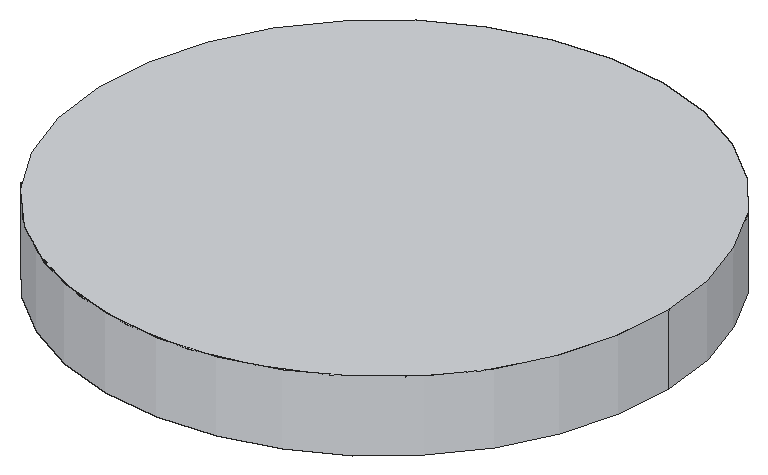
Revit family "3de31b8067cd4dcf905a5b7e775fca3b", category Lighting Fixtures, host Face, Revit 2021
Family settings
  Host = Face
  Round Connector Dimension = Use Diameter
  Part Type = Normal
  OmniClass Number = 23.80.70.00
  OmniClass Title = Lighting
  Seek Item ID = Lighting Fixtures - Unbalanced Power Connector-0000-USA-ENU
  Cut with Voids When Loaded = No
  Light Source = Yes
  Shared = No
  Room Calculation Point = No
Parameters (values of type "277 V")
  Wattage = 9.2903 W
  built-in parameter 1150110 = 1 (stored number, unit not read)
  built-in parameter 1114217 = 1 (stored number, unit not read)
  Thickness = 0' - 0 1/8"
  built-in parameter 1150109 = 1 (stored number, unit not read)
  built-in parameter 1150134 = (empty or 0)
  built-in parameter 1150113 = 1 (stored number, unit not read)
  Radius = Diameter / 2  # 0' - 0 1/2"
  Lumens = 1380 lm
  built-in parameter 1150115 = 1 (stored number, unit not read)
  built-in parameter 1150105 = 109.82 (stored number, unit not read)
  Load Classification = Lighting
  Light Source Symbol Size = 2' - 0"
  built-in parameter 1150137 = (empty or 0)
  built-in parameter 1150139 = (empty or 0)
  built-in parameter 1150112 = 1 (stored number, unit not read)
  built-in parameter 1150114 = 1 (stored number, unit not read)
  built-in parameter 1150132 = 2
  built-in parameter 1150102 = (empty or 0)
  built-in parameter 1150138 = (empty or 0)
  built-in parameter 1150107 = 3000 (stored number, unit not read)
  built-in parameter 1150106 = 1.0982 (stored number, unit not read)
  built-in parameter 1150104 = 13.8 (stored number, unit not read)
  Dimming Lamp Color Temperature Shift = <None>
  Diameter = 0' - 1"
  Default Elevation = 4' - 0"
  Connector Voltage = 277 V
  Connector Number of Poles = 1
  Color Filter = 16777215
  built-in parameter 1114218 = 1 (stored number, unit not read)
  built-in parameter 1150133 = 10 (stored number, unit not read)
Types (6): name | Connector Voltage | Connector Number of Poles
  (no name) | 277 V | 1
  120 V | 120 V | 1
  277 V | 277 V | 1
  240 V | 240 V | 2
  208 V | 208 V | 3
  480 V | 480 V | 3
Reference planes (in)
  plane 1 "Center (Front/Back)": y = 0
  plane 2: z = 0
  plane 3 "Center (Left/Right)": x = 0
  plane 4: z = 0.125
Forms (in)
  Extrusion 1, solid
    sketch origin (0, 0, 0) x (1, 0, 0) y (0, 1, 0)
      loop
        circle (0, 0) r 0.5
    from 0.125 to 0
Dimensions and locks (in)
  "Thickness": plane 4 to plane 2
  "Radius": radius of Extrusion 1 sketch curve
  aligned and locked: plane 2 to host face
  aligned and locked: level to host face
  aligned and locked: plane 1 "Center (Front/Back)" to Extrusion 1 sketch curve
  aligned and locked: plane 3 "Center (Left/Right)" to Extrusion 1 sketch curve
  aligned and locked: Extrusion 1 to plane 2
  aligned and locked: plane 4 to Extrusion 1
  aligned and locked: plane 3 "Center (Left/Right)" to imposter light
  aligned and locked: plane 1 "Center (Front/Back)" to imposter light
  aligned and locked: plane 2 to imposter light
Automatic sketch dimensions
  host sketch curve to host sketch curve = 8' - 0"  (x2)
Connectors (in)
  electrical at (0, 0, 0.125), driven by "Connector Voltage", driven by "Connector Number of Poles", driven by "Load Classification"
    settings: on Extrusion 1, index 1, voltage 277 V, apparent load 0 VA, apparent load phase1 0 VA, apparent load phase2 0 VA, apparent load phase3 0 VA, power factor 1, load classification "Lighting", number of poles 1, system type 31, power factor state 1, is connector primary yes, connector utility no, sub classification motor no, connector description ""
